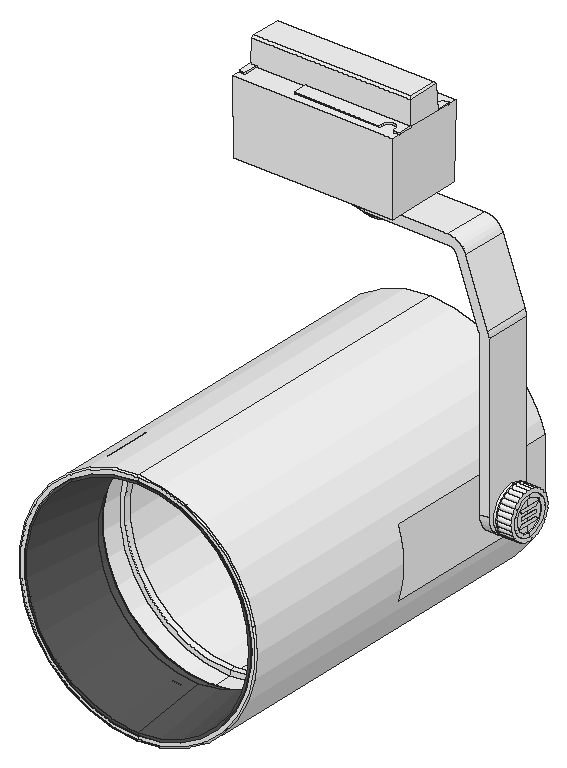
Revit family "STL22455BR_STL22455PTO", category Luminárias, Revit 2023 (continued)
Automatic sketch dimensions
  Revolve 47 sketch curve to Revolve 47 sketch curve = 0 m
  Revolve 47 sketch curve to Revolve 47 sketch curve = 0.00217 m
  Revolve 47 sketch curve to Revolve 47 sketch curve = 0.002387 m
  Revolve 47 sketch curve to Revolve 47 sketch curve = 0.000098 m
  Revolve 47 sketch curve to Revolve 47 sketch curve = 0.001494 m
  Revolve 47 sketch curve to Revolve 47 sketch curve = 0.001221 m
  Revolve 47 sketch curve to Revolve 47 sketch curve = 0.0017 m
  Revolve 47 sketch curve to Revolve 47 sketch curve = 0.020285 m
  Revolve 47 sketch curve to Revolve 47 sketch curve = 0.0498 m
  Revolve 48 sketch curve to Revolve 48 sketch curve = 0.000075 m
  Revolve 48 sketch curve to Revolve 48 sketch curve = 0.000477 m
  Revolve 48 sketch curve to Revolve 48 sketch curve = 0.0013 m
  Revolve 48 sketch curve to Revolve 48 sketch curve = 0.000077 m
  Revolve 48 sketch curve to Revolve 48 sketch curve = 0.000768 m
  Revolve 48 sketch curve to Revolve 48 sketch curve = 0.001032 m
  Revolve 48 sketch curve to Revolve 48 sketch curve = 0.0008 m
  Revolve 48 sketch curve to Revolve 48 sketch curve = 0.000114 m
  Revolve 48 sketch curve to Revolve 48 sketch curve = 0.023823 m
  Revolve 48 sketch curve to Revolve 48 sketch curve = 0.006463 m
  Revolve 48 sketch curve to Revolve 48 sketch curve = 0.000518 m
  Revolve 48 sketch curve to Revolve 48 sketch curve = 0.00073 m
  Revolve 48 sketch curve to Revolve 48 sketch curve = 0.000593 m
  Revolve 48 sketch curve to Revolve 48 sketch curve = 0.00021 m
  Revolve 48 sketch curve to Revolve 48 sketch curve = 0.0007 m
  Revolve 48 sketch curve to Revolve 48 sketch curve = 0.002546 m
  Revolve 48 sketch curve to Revolve 48 sketch curve = 0.000564 m
  Revolve 48 sketch curve to Revolve 48 sketch curve = 0.000887 m
  Revolve 48 sketch curve to Revolve 48 sketch curve = 0.001 m
  Revolve 48 sketch curve to Revolve 48 sketch curve = 0.014295 m
  Revolve 48 sketch curve to Revolve 48 sketch curve = 0 m  (x5)
  Revolve 48 sketch curve to Revolve 48 sketch curve = 0.000018 m
  Revolve 48 sketch curve to Revolve 48 sketch curve = 0.000756 m
  Revolve 48 sketch curve to Revolve 48 sketch curve = 0.043944 m
  Revolve 49 sketch curve to Revolve 49 sketch curve = 0.0182 m
  Revolve 49 sketch curve to Revolve 49 sketch curve = 0.0098 m
  Revolve 49 sketch curve to Revolve 49 sketch curve = 0.002 m  (x3)
  Revolve 49 sketch curve to Revolve 49 sketch curve = 0.001 m
  Revolve 49 sketch curve to Revolve 49 sketch curve = 0 m
  Revolve 49 sketch curve to Revolve 49 sketch curve = 0.0436 m
  Revolve 49 sketch curve to Revolve 49 sketch curve = 0.0035 m
  Revolve 49 sketch curve to Revolve 49 sketch curve = 0.00075 m
  Revolve 49 sketch curve to Revolve 49 sketch curve = 0.001282 m
  Revolve 49 sketch curve to Revolve 49 sketch curve = 0.002546 m
  Revolve 49 sketch curve to Revolve 49 sketch curve = 0.000954 m
  Revolve 49 sketch curve to Revolve 49 sketch curve = 0.0116 m
  Revolve 49 sketch curve to Revolve 49 sketch curve = 0.0001 m
  Revolve 49 sketch curve to Revolve 49 sketch curve = 0.00477 m
  Revolve 49 sketch curve to Revolve 49 sketch curve = 0.005112 m
  Revolve 49 sketch curve to Revolve 49 sketch curve = 0.0207 m
  Revolve 50 sketch curve to Revolve 50 sketch curve = 0.00085 m  (x2)
  Revolve 50 sketch curve to Revolve 50 sketch curve = 0.003 m
  Revolve 50 sketch curve to Revolve 50 sketch curve = 0.01 m
  Revolve 50 sketch curve to Revolve 50 sketch curve = 0.0125 m
  Revolve 50 sketch curve to Revolve 50 sketch curve = 0.000501 m
  Revolve 50 sketch curve to Revolve 50 sketch curve = 0.0006 m
  Revolve 50 sketch curve to Revolve 50 sketch curve = 0.013999 m
  Revolve 50 sketch curve to Revolve 50 sketch curve = 0.004 m
  Revolve 50 sketch curve to Revolve 50 sketch curve = 0.000592 m
  Revolve 50 sketch curve to Revolve 50 sketch curve = 0.011523 m
  Revolve 50 sketch curve to Revolve 50 sketch curve = 0.002545 m
  Revolve 50 sketch curve to Revolve 50 sketch curve = 0.000977 m
  Revolve 50 sketch curve to Revolve 50 sketch curve = 0.002364 m
  Revolve 50 sketch curve to Revolve 50 sketch curve = 0.005 m
  Revolve 50 sketch curve to Revolve 50 sketch curve = 0.002247 m
  Revolve 50 sketch curve to Revolve 50 sketch curve = 0.015636 m
  Extrusion 51 sketch curve to Extrusion 51 sketch curve = 0 m  (x5)
  Extrusion 51 sketch curve to Extrusion 51 sketch curve = 0.003768 m  (x4)
  Extrusion 51 sketch curve to Extrusion 51 sketch curve = 0.000025 m  (x4)
  Extrusion 51 sketch curve to Extrusion 51 sketch curve = 0.000748 m  (x4)
  Extrusion 51 sketch curve to Extrusion 51 sketch curve = 0.00375 m  (x3)
  Extrusion 51 sketch curve to Extrusion 51 sketch curve = 0.000688 m  (x2)
  Extrusion 53 sketch curve to Extrusion 53 sketch curve = 0.009 m  (x3)
  Extrusion 53 sketch curve to Extrusion 53 sketch curve = 0.001 m  (x2)
  Blend 54 sketch curve to Blend 54 sketch curve = 0.003734 m
  Blend 54 sketch curve to Blend 54 sketch curve = 0.000566 m  (x2)
  Blend 54 sketch curve to Blend 54 sketch curve = 0.02887 m
  Extrusion 55 sketch curve to Extrusion 55 sketch curve = 0.012295 m
  Extrusion 55 sketch curve to Extrusion 55 sketch curve = 0.001865 m  (x2)
  Extrusion 55 sketch curve to Extrusion 55 sketch curve = 0.013555 m
  Blend 54 sketch curve to Blend 54 sketch curve = 0.029323 m
  Blend 54 sketch curve to Blend 54 sketch curve = 0.00224 m
  Blend 54 sketch curve to Blend 54 sketch curve = 0.00034 m  (x2)
  Extrusion 56 sketch curve to Extrusion 56 sketch curve = 0.005618 m
  Extrusion 56 sketch curve to Extrusion 56 sketch curve = 0.033731 m
  Revolve 47 sketch curve to Revolve 47 sketch curve = 0.107 m
  Revolve 47 sketch curve to Revolve 47 sketch curve = 0.0405 m
  Revolve 47 sketch curve to Revolve 47 sketch curve = 0.007313 m
  Revolve 48 sketch curve to Revolve 48 sketch curve = 0.005023 m
  Revolve 50 sketch curve to Revolve 50 sketch curve = 0.012499 m
  Extrusion 51 sketch curve to Extrusion 51 sketch curve = 0.00875 m  (x2)
  Extrusion 53 sketch curve to Extrusion 53 sketch curve = 0 m  (x4)
  Extrusion 53 sketch curve to Extrusion 53 sketch curve = 0.01125 m  (x3)
  Extrusion 55 sketch curve to Extrusion 55 sketch curve = 0.040298 m
  Extrusion 55 sketch curve to Extrusion 55 sketch curve = 0 m
  curve 1 to plane 1 "Eixo de origem da luz (F/T)" = 0 m
  plane 4 "Elevação da origem da luz" to curve 1 = 0.009397 m
  plane 4 "Elevação da origem da luz" to curve 1 = 0.002397 m
  Revolve 30 sketch curve to Revolve 30 sketch curve = 0.004423 m
  Revolve 30 sketch curve to Revolve 30 sketch curve = 0.002201 m
  Revolve 30 sketch curve to Revolve 30 sketch curve = 0.00221 m
  Revolve 48 sketch curve to Revolve 48 sketch curve = 0.004423 m
  Revolve 48 sketch curve to Revolve 48 sketch curve = 0.002201 m
  Revolve 48 sketch curve to Revolve 48 sketch curve = 0.00221 m
  Extrusion 34 sketch curve to Extrusion 34 sketch curve = 0 m  (x22)
  Extrusion 34 sketch curve to Extrusion 34 sketch curve = 0.0002 m  (x4)
  Extrusion 34 sketch curve to Extrusion 34 sketch curve = 0.004287 m  (x2)
  Extrusion 34 sketch curve to Extrusion 34 sketch curve = 0.004 m  (x3)
  Extrusion 34 sketch curve to Extrusion 34 sketch curve = 0.004086 m  (x2)
  Extrusion 34 sketch curve to Extrusion 34 sketch curve = 0.000403 m  (x4)
  Extrusion 34 sketch curve to Extrusion 34 sketch curve = 0.002132 m  (x3)
  Extrusion 34 sketch curve to Extrusion 34 sketch curve = 0.005 m  (x2)
  Extrusion 34 sketch curve to Extrusion 34 sketch curve = 0.000344 m  (x2)
  Extrusion 52 sketch curve to Extrusion 52 sketch curve = 0 m  (x22)
  Extrusion 52 sketch curve to Extrusion 52 sketch curve = 0.0002 m  (x4)
  Extrusion 52 sketch curve to Extrusion 52 sketch curve = 0.004287 m  (x2)
  Extrusion 52 sketch curve to Extrusion 52 sketch curve = 0.004 m  (x3)
  Extrusion 52 sketch curve to Extrusion 52 sketch curve = 0.004086 m  (x2)
  Extrusion 52 sketch curve to Extrusion 52 sketch curve = 0.000403 m  (x4)
  Extrusion 52 sketch curve to Extrusion 52 sketch curve = 0.002132 m  (x3)
  Extrusion 52 sketch curve to Extrusion 52 sketch curve = 0.005 m  (x2)
  Extrusion 52 sketch curve to Extrusion 52 sketch curve = 0.000344 m  (x2)
  radius of Extrusion 35 sketch curve = 0.00125 m  (x2)
  radius of Extrusion 53 sketch curve = 0.00125 m  (x2)
  radius of Extrusion 34 sketch curve = 0.001667 m
  radius of Extrusion 52 sketch curve = 0.001667 m
Connectors (m)
  electrical at (0.0084, 0, 2.65)
    settings: index 1, voltage 0 V, apparent load 0 VA, apparent load phase1 0 VA, apparent load phase2 0 VA, apparent load phase3 0 VA, power factor 1, load classification "Outro", number of poles 1, system type 31, power factor state 1, is connector primary yes, connector utility no, sub classification motor no, connector description ""
Types (3, lengths in m): name | Referência | Potência máxima | Estrutura
  (no name) | "STL22455BR" | 20 W | Al - Branco
  STL22455BR - BRANCO | "STL22455BR" | 20 W | Al - Branco
  STL22455PTO - PRETO | "STL22455PTO" | 15 W | Al - Preto
